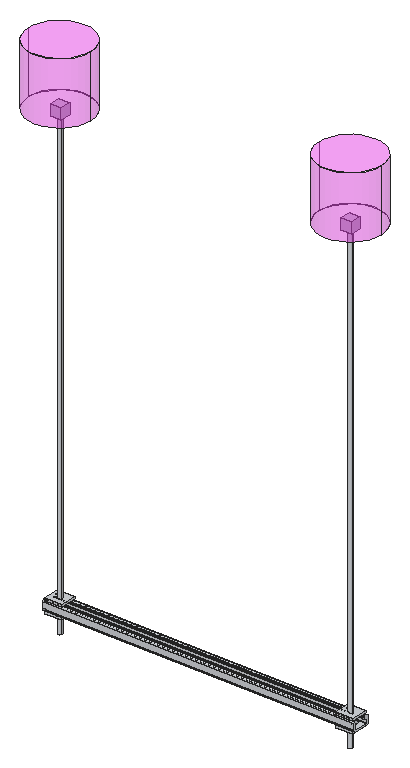
Revit family "TIG HANGER STRUT v1-2022", category Electrical Fixtures, Revit 2022
Family settings
  Round Connector Dimension = Use Diameter
  Part Type = Normal
  Always vertical = Yes
  Cut with Voids When Loaded = No
  Maintain Annotation Orientation = No
  Shared = No
  Room Calculation Point = No
Parameters
  ❹🢆 [instance] = ""
  ❸🢆 [instance] = " "  # constant formula
  ❷🢆 [instance] = " "  # constant formula
  ❶🢆 [instance] = " "  # constant formula
  TOTAL ROD LENGTH_ROUND [instance] = ROD 1 LENGTH_ROUND + ROD 2 LENGTH_ROUND  # 8' - 0"
  TOTAL ROD LENGTH [instance] = ROD 1 LENGTH + ROD 2 LENGTH  # 7' - 4.65899"
  TOP OF TIER 4 [instance] = 0' - 0"
  TOP OF TIER 3 [instance] = 10' - 0"
  TOP OF TIER 2 [instance] = 9' - 0"
  TOP OF TIER 1 [instance] = 8' - 10.7955"
  TIER 4 TYPE [instance] = if(TIER 4 SELECTION = 1, SELECTION 1, if(TIER 4 SELECTION = 2, SELECTION 2, if(TIER 4 SELECTION = 3, SELECTION 3, if(TIER 4 SELECTION = 4, SELECTION 4, if(TIER 4 SELECTION = 5, SELECTION 5, if(TIER 4 SELECTION = 6, SELECTION 6, SELECTION 0))))))  # SNV HANGER-STRUT_STRUT : NONE
  TIER 4 SELECTION [instance] = 0
  TIER 4 DESCRIPTION [instance] = if(TIER 4 SELECTION = 1, "78S", if(TIER 4 SELECTION = 2, "78SD", if(TIER 4 SELECTION = 3, "78BB", if(TIER 4 SELECTION = 4, "158S", if(TIER 4 SELECTION = 5, "158SD", if(TIER 4 SELECTION = 6, "158BB", "NOT SELECTED"))))))  # "NOT SELECTED"
  TIER 4 [instance] = if(and(TIER 4 SELECTION > 0, TIER 4 SELECTION < 7), 1 > 0, 1 < 0)  # no
  TIER 3 TYPE DESCRIPTION [instance] = if(TIER 3 SELECTION = 1, "78S", if(TIER 3 SELECTION = 2, "78SD", if(TIER 3 SELECTION = 3, "78BB", if(TIER 3 SELECTION = 4, "158S", if(TIER 3 SELECTION = 5, "158SD", if(TIER 3 SELECTION = 6, "158BB", "NOT SELECTED"))))))  # "NOT SELECTED"
  TIER 3 TYPE [instance] = if(TIER 3 SELECTION = 1, SELECTION 1, if(TIER 3 SELECTION = 2, SELECTION 2, if(TIER 3 SELECTION = 3, SELECTION 3, if(TIER 3 SELECTION = 4, SELECTION 4, if(TIER 3 SELECTION = 5, SELECTION 5, if(TIER 3 SELECTION = 6, SELECTION 6, SELECTION 0))))))  # SNV HANGER-STRUT_STRUT : NONE
  TIER 3 SELECTION [instance] = 0
  TIER 3 [instance] = if(and(TIER 3 SELECTION > 0, TIER 3 SELECTION < 7), 1 > 0, 1 < 0)  # no
  TIER 2 TYPE DESCRIPTION [instance] = if(TIER 2 SELECTION = 1, "78S", if(TIER 2 SELECTION = 2, "78SD", if(TIER 2 SELECTION = 3, "78BB", if(TIER 2 SELECTION = 4, "158S", if(TIER 2 SELECTION = 5, "158SD", if(TIER 2 SELECTION = 6, "158BB", "NOT SELECTED"))))))  # "NOT SELECTED"
  TIER 2 TYPE [instance] = if(TIER 2 SELECTION = 1, SELECTION 1, if(TIER 2 SELECTION = 2, SELECTION 2, if(TIER 2 SELECTION = 3, SELECTION 3, if(TIER 2 SELECTION = 4, SELECTION 4, if(TIER 2 SELECTION = 5, SELECTION 5, if(TIER 2 SELECTION = 6, SELECTION 6, SELECTION 0))))))  # SNV HANGER-STRUT_STRUT : NONE
  TIER 2 SELECTION [instance] = 0
  TIER 2 [instance] = if(and(TIER 2 SELECTION > 0, TIER 2 SELECTION < 7), 1 > 0, 1 < 0)  # no
  TIER 1 TYPE DESCRIPTION [instance] = if(TIER 1 SELECTION = 1, "78S", if(TIER 1 SELECTION = 2, "78SD", if(TIER 1 SELECTION = 3, "78BB", if(TIER 1 SELECTION = 4, "158S", if(TIER 1 SELECTION = 5, "158SD", if(TIER 1 SELECTION = 6, "158BB", "NOT SELECTED"))))))  # "78S"
  TIER 1 TYPE [instance] = if(TIER 1 SELECTION = 1, SELECTION 1, if(TIER 1 SELECTION = 2, SELECTION 2, if(TIER 1 SELECTION = 3, SELECTION 3, if(TIER 1 SELECTION = 4, SELECTION 4, if(TIER 1 SELECTION = 5, SELECTION 5, if(TIER 1 SELECTION = 6, SELECTION 6, SELECTION 0))))))  # SNV HANGER-STRUT_STRUT : SNV HANGER-STRUT_STRUT-78S
  TIER 1 SELECTION [instance] = 1
  TIER 1 [instance] = if(and(TIER 1 SELECTION > 0, TIER 1 SELECTION < 7), 1 > 0, 1 < 0)  # yes
  STRUT LENGTH [instance] = 2' - 6"
  STRUT INFORMATION [instance] = "⮟⮟⮟⮟⮟⮟⮟⮟⮟⮟⮟⮟"  # constant formula
  SELECTION 6 = SNV HANGER-STRUT_STRUT : SNV HANGER-STRUT_STRUT-158BB
  SELECTION 5 = SNV HANGER-STRUT_STRUT : SNV HANGER-STRUT_STRUT-158SD
  SELECTION 4 = SNV HANGER-STRUT_STRUT : SNV HANGER-STRUT_STRUT-158S
  SELECTION 3 = SNV HANGER-STRUT_STRUT : SNV HANGER-STRUT_STRUT-78BB
  SELECTION 2 = SNV HANGER-STRUT_STRUT : SNV HANGER-STRUT_STRUT-78SD
  SELECTION 1 = SNV HANGER-STRUT_STRUT : SNV HANGER-STRUT_STRUT-78S
  SELECTION 0 = SNV HANGER-STRUT_STRUT : NONE
  ROD SIZE [instance] = 0' - 0 3/8"
  ROD INFORMATION [instance] = "⮟⮟⮟⮟⮟⮟⮟⮟⮟⮟⮟⮟"  # constant formula
  ROD BTM EXTENSION [instance] = -0' - 2"
  ROD 2 LENGTH_ROUND [instance] = roundup(ROD 2 LENGTH / 0' 6") * 0' 6"  # 4' - 0"
  ROD 2 LENGTH [instance] = DECK TO DECK - ROD 2 GAP - TOP OF TIER 1 - ROD BTM EXTENSION  # 3' - 8.3295"
  ROD 2 GAP [instance] = 0' - 6 7/8"
  ROD 2 FROM EDGE [instance] = 0' - 1"
  ROD 1 LENGTH_ROUND [instance] = roundup(ROD 1 LENGTH / 0' 6") * 0' 6"  # 4' - 0"
  ROD 1 LENGTH [instance] = DECK TO DECK - ROD 1 GAP - TOP OF TIER 1 - ROD BTM EXTENSION  # 3' - 8.3295"
  ROD 1 GAP [instance] = 0' - 6 7/8"
  ROD 1 FROM EDGE [instance] = 0' - 1"
  RACK ID [instance] = ""
  NUMBER OF TIER [instance] = if(TIER 4, "4T", (if(and(not(TIER 4), TIER 3), "3T", if(and(not(TIER 3), TIER 2), "2T", "1T"))))  # "1T"
  HALO 2 [instance] = yes
  HALO 1 [instance] = yes
  GENERAL INFORMATION [instance] = "⮟⮟⮟⮟⮟⮟⮟⮟⮟⮟⮟⮟"  # constant formula
  Dot_Red [instance] = if(TIER 4, 1 > 0, 1 < 0)  # no
  Dot_Magenta [instance] = if(and(TIER 2, not(TIER 3)), 1 > 0, 1 < 0)  # no
  Dot_Green [instance] = if(and(TIER 1, not(and(TIER 2, TIER 3))), 1 > 0, 1 < 0)  # yes
  Dot_Cyan [instance] = if(and(TIER 3, not(TIER 4)), 1 > 0, 1 < 0)  # no
  Default Elevation = 0' - 0"
  DECK TO DECK [instance] = 13' - 0"
Reference planes (in)
  plane 1 "Center (Front/Back)": y = 0
  plane 2: z = 0
  plane 3 "Center (Left/Right)": x = 0
  plane 4 "Left": x = -14
  plane 5 "Right": x = 14
  plane 6 "Back": y = 4
  plane 7 "Front": y = -4
  plane 8: x = 15
  plane 9: x = -15
  plane 10 "R": z = 149.125
  plane 11 "L": z = 149.125
Forms (in)
  Extrusion 1, solid
    sketch origin (41, 0.8125, 105.9205) x (-1, 0, 0) y (0, -1, 0)
      loop
        circle (27, 0.8125) r 0.1875
    from -2 <- "ROD BTM EXTENSION" to 43.2045
  Extrusion 2, solid
    sketch origin (-60, -180, 105.9205) x (-1, 0, 0) y (0, -1, 0)
      loop
        circle (-46, -180) r 0.1875
    from -2 <- "ROD BTM EXTENSION" to 43.2045
Dimensions and locks (in)
  "ROD 1 FROM EDGE": plane 9 to plane 4 "Left"
  "ROD 2 FROM EDGE": plane 5 "Right" to plane 8
  equal spacing: plane 9, plane 3 "Center (Left/Right)", plane 8
  "STRUT LENGTH": plane 9 to plane 8
  "ROD 2 GAP": level to plane 10 "R"
  "DECK TO DECK": level to level
  "ROD 1 GAP": level to plane 11 "L"
  "ROD SIZE": diameter of Extrusion 1 sketch curve
  "ROD SIZE": diameter of Extrusion 2 sketch curve
  aligned and locked: level to plane 2
  aligned and locked: nested 1 to plane 5 "Right"
  aligned and locked: nested 4 to plane 5 "Right"
  aligned and locked: plane 1 "Center (Front/Back)" to nested 4
  aligned and locked: nested 5 to plane 4 "Left"
  aligned and locked: plane 1 "Center (Front/Back)" to nested 5
  aligned and locked: nested 6 to plane 5 "Right"
  aligned and locked: plane 1 "Center (Front/Back)" to nested 6
  aligned and locked: nested 7 to plane 4 "Left"
  aligned and locked: plane 1 "Center (Front/Back)" to nested 7
  aligned and locked: nested 8 to plane 5 "Right"
  aligned and locked: plane 1 "Center (Front/Back)" to nested 8
  aligned and locked: nested 9 to plane 4 "Left"
  aligned and locked: plane 1 "Center (Front/Back)" to nested 9
  aligned and locked: nested 13 to plane 10 "R"
  aligned and locked: nested 12 to plane 11 "L"
  aligned and locked: nested 12 to plane 4 "Left"
  aligned and locked: nested 2 to plane 4 "Left"
  aligned and locked: plane 1 "Center (Front/Back)" to Extrusion 1 sketch curve
  aligned and locked: plane 5 "Right" to Extrusion 1 sketch curve
  aligned and locked: plane 10 "R" to Extrusion 1
  aligned and locked: plane 1 "Center (Front/Back)" to Extrusion 2 sketch curve
  aligned and locked: plane 4 "Left" to Extrusion 2 sketch curve
  aligned and locked: plane 11 "L" to Extrusion 2
  aligned and locked: nested 13 to plane 5 "Right"
  aligned and locked: plane 1 "Center (Front/Back)" to nested 15
  aligned and locked: nested 15 to plane 5 "Right"
  aligned and locked: plane 1 "Center (Front/Back)" to nested 16
  aligned and locked: nested 16 to plane 4 "Left"
Nested families (in)
  nested 1: "SNV HALO" at (14, 0, 149.125), visible <- "HALO 2", type "SNV HALO"
    with HALO DIAMETER 0' - 6", HALO DEPTH 0' - 6"
  nested 2: "SNV HALO" at (-14, 0, 149.125), visible <- "HALO 1", type "SNV HALO"
    with HALO DIAMETER 0' - 6", HALO DEPTH 0' - 6"
  nested 3: "SNV HANGER-STRUT_STRUT" at (0, 0, 106.7955), built-in parameter 1001364 <- "TOP OF TIER 1", STRUCT LENGTH <- "STRUT LENGTH", ROD 2 FROM EDGE <- "ROD 1 FROM EDGE", ROD 1 FROM EDGE <- "ROD 2 FROM EDGE", type <- "TIER 1 TYPE", type "SNV HANGER-STRUT_STRUT-78S"
    with STRUCT LENGTH 2' - 6", ROD 2 FROM EDGE 0' - 1", ROD 1 FROM EDGE 0' - 1"
  nested 4: "Dot-Cyan" at (14, 0, 0), visible <- "Dot_Cyan", type "Dot-Cyan"
    with DIAMETER 0' - 0 1/32"
  nested 5: "Dot-Cyan" at (-14, 0, 0), visible <- "Dot_Cyan", type "Dot-Cyan"
    with DIAMETER 0' - 0 1/32"
  nested 6: "Dot-Magentra" at (14, 0, 0), visible <- "Dot_Magenta", type "Dot-Magentra"
    with DIAMETER 0' - 0 1/32"
  nested 7: "Dot-Magentra" at (-14, 0, 0), visible <- "Dot_Magenta", type "Dot-Magentra"
    with DIAMETER 0' - 0 1/32"
  nested 8: "Dot-Green" at (14, 0, 0), visible <- "Dot_Green", type "Dot-Green"
    with DIAMETER 0' - 0 1/32"
  nested 9: "Dot-Green" at (-14, 0, 0), visible <- "Dot_Green", type "Dot-Green"
    with DIAMETER 0' - 0 1/32"
  nested 10: "SNV HANGER-STRUT_STRUT" at (0, 0, 108), built-in parameter 1001364 <- "TOP OF TIER 2", ROD 1 FROM EDGE <- "ROD 1 FROM EDGE", ROD 2 FROM EDGE <- "ROD 2 FROM EDGE", STRUCT LENGTH <- "STRUT LENGTH", type <- "TIER 2 TYPE", type "NONE"
    with STRUCT LENGTH 2' - 6", ROD 2 FROM EDGE 0' - 1", ROD 1 FROM EDGE 0' - 1"
  nested 11: "SNV HANGER-STRUT_STRUT" at (0, 0, 120), type <- "TIER 3 TYPE", built-in parameter 1001364 <- "TOP OF TIER 3", ROD 1 FROM EDGE <- "ROD 1 FROM EDGE", ROD 2 FROM EDGE <- "ROD 2 FROM EDGE", STRUCT LENGTH <- "STRUT LENGTH", type "NONE"
    with STRUCT LENGTH 2' - 6", ROD 2 FROM EDGE 0' - 1", ROD 1 FROM EDGE 0' - 1"
  nested 12: "SNV GTP POINT" at (-14, 0, 149.125), type "SNV GTP POINT-HANGER"
  nested 13: "SNV GTP POINT" at (14, 0, 149.125), type "SNV GTP POINT-HANGER"
  nested 14: "SNV HANGER-STRUT_STRUT" at (0, 0, 0), built-in parameter 1001364 <- "TOP OF TIER 4", ROD 1 FROM EDGE <- "ROD 1 FROM EDGE", ROD 2 FROM EDGE <- "ROD 2 FROM EDGE", STRUCT LENGTH <- "STRUT LENGTH", type <- "TIER 4 TYPE", type "NONE"
    with STRUCT LENGTH 2' - 6", ROD 2 FROM EDGE 0' - 1", ROD 1 FROM EDGE 0' - 1"
  nested 15: "Dot-Red" at (14, 0, 0), visible <- "Dot_Red", type "Dot-Red"
  nested 16: "Dot-Red" at (-14, 0, 0), type "Dot-Red"
Definition of nested family "SNV HALO"
  Parameters (values of type "QTQ HALO")
    HALO DIAMETER [instance] = 1' - 0"
    HALO DEPTH [instance] = 0' - 6"
    Default Elevation = 4' - 0"
  Reference planes (in)
    plane 1 "Center (Front/Back)": y = 0
    plane 2: z = 0
    plane 3 "Center (Left/Right)": x = 0
    plane 4: z = 6
  Forms (in)
    Extrusion 1, solid
      sketch origin (0, 0, 0) x (1, 0, 0) y (0, 1, 0)
        loop
          circle (0, 0) r 6
      from 0 to 6
  Dimensions and locks (in)
    "HALO DEPTH": plane 4 to level
    "HALO DIAMETER": diameter of Extrusion 1 sketch curve
    aligned and locked: plane 2 to level
    aligned and locked: Extrusion 1 to level
    aligned and locked: plane 4 to Extrusion 1
  Automatic sketch dimensions
    plane 1 "Center (Front/Back)" to Extrusion 1 sketch curve = 0' - 0"
    Extrusion 1 sketch curve to plane 3 "Center (Left/Right)" = 0' - 0"
Definition of nested family "SNV HANGER-STRUT_STRUT"
  Parameters (values of type "NONE")
    STRUCT LENGTH [instance] = 3' - 0"
    ROD 2 FROM EDGE [instance] = 0' - 1"
    ROD 1 FROM EDGE [instance] = 0' - 1"
    QTQ WASHER = no
    Default Elevation = 0' - 0"
    BUTTOM OF STRUT = 0' - 3 1/4"
    78SD = no
    78S = no
    78BB = no
    158SD = no
    158S = no
    158BB = no
  Types (7): name | STRUCT LENGTH | QTQ WASHER | BUTTOM OF STRUT | 78SD | 78S | 78BB | 158SD | 158S | 158BB
    NONE | 3' - 0" | no | 0' - 3 1/4" | no | no | no | no | no | no
    SNV HANGER-STRUT_STRUT-78SD | 2' - 0" | yes | 0' - 0 7/8" | yes | no | no | no | no | no
    SNV HANGER-STRUT_STRUT-78S | 3' - 0" | yes | 0' - 0 7/8" | no | yes | no | no | no | no
    SNV HANGER-STRUT_STRUT-78BB | 3' - 0" | yes | 0' - 1 5/8" | no | no | yes | no | no | no
    SNV HANGER-STRUT_STRUT-158SD | 3' - 0" | yes | 0' - 1 5/8" | no | no | no | yes | no | no
    SNV HANGER-STRUT_STRUT-158S | 3' - 0" | yes | 0' - 1 5/8" | no | no | no | no | yes | no
    SNV HANGER-STRUT_STRUT-158BB | 3' - 0" | yes | 0' - 3 1/4" | no | no | no | no | no | yes
  Reference planes (in)
    plane 1 "Center (Front/Back)": y = 0
    plane 2: z = 0
    plane 3 "Center (Left/Right)": x = 0
    plane 4: x = -17
    plane 5: x = 17
    plane 6: x = 18
    plane 7: x = -18
    plane 8: z = -3.25
  Forms (in)
    Sweep 1, solid, visible <- "78SD"
      path origin (0, 0, 0) x (1, 0, 0) y (0, 1, 0)
        loop
          line (-18, 0) -> (18, 0)
      profile "SNV PROFILE-STRUCT-78SD : SNV PROFILE-STRUCT-78SD" origin (0, 0, 0) x (0, 1, 0) y (0, 0, 1)
        loop
          arc (-0.67578, 0) -> (-0.77257, -0.04009) -> (-0.81266, -0.13687) r 0.13687
          line (-0.81266, -0.13687) -> (-0.81266, -0.67578)
          arc (-0.81266, -0.67578) -> (-0.75431, -0.81665) -> (-0.61344, -0.875) r 0.19922
          line (-0.61344, -0.875) -> (-0.57437, -0.875)
          arc (-0.57437, -0.875) -> (-0.4777, -0.83496) -> (-0.43766, -0.73828) r 0.13672
          line (-0.43766, -0.73828) -> (-0.43766, -0.64453)
          arc (-0.43766, -0.64453) -> (-0.49039, -0.5918) -> (-0.54312, -0.64453) r 0.05273
          line (-0.54312, -0.64453) -> (-0.54312, -0.73828)
          arc (-0.54312, -0.73828) -> (-0.55228, -0.76038) -> (-0.57437, -0.76953) r 0.03125
          line (-0.57437, -0.76953) -> (-0.61344, -0.76953)
          arc (-0.61344, -0.76953) -> (-0.67973, -0.74207) -> (-0.70719, -0.67578) r 0.09375
          line (-0.70719, -0.67578) -> (-0.70719, -0.13672)
          arc (-0.70719, -0.13672) -> (-0.69803, -0.11462) -> (-0.67594, -0.10547) r 0.03125
          line (-0.67594, -0.10547) -> (0.67594, -0.10547)
          arc (0.67594, -0.10547) -> (0.69803, -0.11462) -> (0.70719, -0.13672) r 0.03125
          line (0.70719, -0.13672) -> (0.70719, -0.67578)
          arc (0.70719, -0.67578) -> (0.67973, -0.74207) -> (0.61344, -0.76953) r 0.09375
          line (0.61344, -0.76953) -> (0.57437, -0.76953)
          arc (0.57437, -0.76953) -> (0.55228, -0.76038) -> (0.54312, -0.73828) r 0.03125
          line (0.54312, -0.73828) -> (0.54312, -0.64453)
          arc (0.54312, -0.64453) -> (0.49039, -0.5918) -> (0.43766, -0.64453) r 0.05273
          line (0.43766, -0.64453) -> (0.43766, -0.73828)
          arc (0.43766, -0.73828) -> (0.4777, -0.83496) -> (0.57437, -0.875) r 0.13672
          line (0.57437, -0.875) -> (0.61344, -0.875)
          arc (0.61344, -0.875) -> (0.75431, -0.81665) -> (0.81266, -0.67578) r 0.19922
          line (0.81266, -0.67578) -> (0.81266, -0.13687)
          arc (0.81266, -0.13687) -> (0.77257, -0.04009) -> (0.67578, 0) r 0.13687
          line (0.67578, 0) -> (-0.67578, 0)
    Sweep 2, solid, visible <- "78BB"
      path origin (0, 0, 0) x (1, 0, 0) y (0, 1, 0)
        loop
          line (-18, 0) -> (18, 0)
      profile "SNV PROFILE-STRUT-78BB : SNV PROFILE-STRUT-78BB" origin (0, 0, 0) x (0, 1, 0) y (0, 0, 1)
        loop
          arc (-0.67578, -0.70703) -> (-0.69788, -0.69788) -> (-0.70703, -0.67578) r 0.03125
          line (-0.70703, -0.67578) -> (-0.70703, -0.19922)
          arc (-0.70703, -0.19922) -> (-0.67957, -0.13293) -> (-0.61328, -0.10547) r 0.09375
          line (-0.61328, -0.10547) -> (-0.57422, -0.10547)
          arc (-0.57422, -0.10547) -> (-0.55205, -0.11537) -> (-0.54297, -0.13789) r 0.03244
          line (-0.54297, -0.13789) -> (-0.54297, -0.23164)
          arc (-0.54297, -0.23164) -> (-0.49112, -0.28348) -> (-0.43928, -0.23164) r 0.05184
          line (-0.43928, -0.23164) -> (-0.43928, -0.13789)
          arc (-0.43928, -0.13789) -> (-0.47967, -0.04039) -> (-0.57717, 0) r 0.13789
          line (-0.57717, 0) -> (-0.61328, 0)
          arc (-0.61328, 0) -> (-0.75415, -0.05835) -> (-0.8125, -0.19922) r 0.19922
          line (-0.8125, -0.19922) -> (-0.8125, -0.67578)
          arc (-0.8125, -0.67578) -> (-0.77246, -0.77246) -> (-0.67578, -0.8125) r 0.13672
          arc (-0.67578, -0.8125) -> (-0.77246, -0.85254) -> (-0.8125, -0.94922) r 0.13672
          line (-0.8125, -0.94922) -> (-0.8125, -1.42578)
          arc (-0.8125, -1.42578) -> (-0.75415, -1.56665) -> (-0.61328, -1.625) r 0.19922
          line (-0.61328, -1.625) -> (-0.57717, -1.625)
          arc (-0.57717, -1.625) -> (-0.47967, -1.58461) -> (-0.43928, -1.48711) r 0.13789
          line (-0.43928, -1.48711) -> (-0.43928, -1.39336)
          arc (-0.43928, -1.39336) -> (-0.49112, -1.34152) -> (-0.54297, -1.39336) r 0.05184
          line (-0.54297, -1.39336) -> (-0.54297, -1.48711)
          arc (-0.54297, -1.48711) -> (-0.55205, -1.50963) -> (-0.57422, -1.51953) r 0.03244
          line (-0.57422, -1.51953) -> (-0.61328, -1.51953)
          arc (-0.61328, -1.51953) -> (-0.67957, -1.49207) -> (-0.70703, -1.42578) r 0.09375
          line (-0.70703, -1.42578) -> (-0.70703, -0.94922)
          arc (-0.70703, -0.94922) -> (-0.69788, -0.92712) -> (-0.67578, -0.91797) r 0.03125
          line (-0.67578, -0.91797) -> (0.67578, -0.91797)
          arc (0.67578, -0.91797) -> (0.69788, -0.92712) -> (0.70703, -0.94922) r 0.03125
          line (0.70703, -0.94922) -> (0.70703, -1.42578)
          arc (0.70703, -1.42578) -> (0.67957, -1.49207) -> (0.61328, -1.51953) r 0.09375
          line (0.61328, -1.51953) -> (0.57422, -1.51953)
          arc (0.57422, -1.51953) -> (0.55205, -1.50963) -> (0.54297, -1.48711) r 0.03244
          line (0.54297, -1.48711) -> (0.54297, -1.39336)
          arc (0.54297, -1.39336) -> (0.49112, -1.34152) -> (0.43928, -1.39336) r 0.05184
          line (0.43928, -1.39336) -> (0.43928, -1.48711)
          arc (0.43928, -1.48711) -> (0.47967, -1.58461) -> (0.57717, -1.625) r 0.13789
          line (0.57717, -1.625) -> (0.61328, -1.625)
          arc (0.61328, -1.625) -> (0.75415, -1.56665) -> (0.8125, -1.42578) r 0.19922
          line (0.8125, -1.42578) -> (0.8125, -0.94922)
          arc (0.8125, -0.94922) -> (0.77246, -0.85254) -> (0.67578, -0.8125) r 0.13672
          arc (0.67578, -0.8125) -> (0.77246, -0.77246) -> (0.8125, -0.67578) r 0.13672
          line (0.8125, -0.67578) -> (0.8125, -0.19922)
          arc (0.8125, -0.19922) -> (0.75415, -0.05835) -> (0.61328, 0) r 0.19922
          line (0.61328, 0) -> (0.57717, 0)
          arc (0.57717, 0) -> (0.47967, -0.04039) -> (0.43928, -0.13789) r 0.13789
          line (0.43928, -0.13789) -> (0.43928, -0.23164)
          arc (0.43928, -0.23164) -> (0.49112, -0.28348) -> (0.54297, -0.23164) r 0.05184
          line (0.54297, -0.23164) -> (0.54297, -0.13789)
          arc (0.54297, -0.13789) -> (0.55205, -0.11537) -> (0.57422, -0.10547) r 0.03244
          line (0.57422, -0.10547) -> (0.61328, -0.10547)
          arc (0.61328, -0.10547) -> (0.67957, -0.13293) -> (0.70703, -0.19922) r 0.09375
          line (0.70703, -0.19922) -> (0.70703, -0.67578)
          arc (0.70703, -0.67578) -> (0.69788, -0.69788) -> (0.67578, -0.70703) r 0.03125
          line (0.67578, -0.70703) -> (-0.67578, -0.70703)
    Sweep 3, solid, visible <- "78S"
      path origin (0, 0, 0) x (1, 0, 0) y (0, 1, 0)
        loop
          line (-18, 0) -> (18, 0)
      profile "SNV PROFILE-STRUCT-78S : SNV PROFILE-STRUCT-78S" origin (0, 0, 0) x (0, 1, 0) y (0, 0, 1)
        loop
          arc (0.67578, -0.875) -> (0.77257, -0.83491) -> (0.81266, -0.73813) r 0.13687
          line (0.81266, -0.73813) -> (0.81266, -0.19922)
          arc (0.81266, -0.19922) -> (0.75431, -0.05835) -> (0.61344, 0) r 0.19922
          line (0.61344, 0) -> (0.57437, 0)
          arc (0.57437, 0) -> (0.4777, -0.04004) -> (0.43766, -0.13672) r 0.13672
          line (0.43766, -0.13672) -> (0.43766, -0.23047)
          arc (0.43766, -0.23047) -> (0.49039, -0.2832) -> (0.54312, -0.23047) r 0.05273
          line (0.54312, -0.23047) -> (0.54312, -0.13672)
          arc (0.54312, -0.13672) -> (0.55228, -0.11462) -> (0.57437, -0.10547) r 0.03125
          line (0.57437, -0.10547) -> (0.61344, -0.10547)
          arc (0.61344, -0.10547) -> (0.67973, -0.13293) -> (0.70719, -0.19922) r 0.09375
          line (0.70719, -0.19922) -> (0.70719, -0.73828)
          arc (0.70719, -0.73828) -> (0.69803, -0.76038) -> (0.67594, -0.76953) r 0.03125
          line (0.67594, -0.76953) -> (-0.67594, -0.76953)
          arc (-0.67594, -0.76953) -> (-0.69803, -0.76038) -> (-0.70719, -0.73828) r 0.03125
          line (-0.70719, -0.73828) -> (-0.70719, -0.19922)
          arc (-0.70719, -0.19922) -> (-0.67973, -0.13293) -> (-0.61344, -0.10547) r 0.09375
          line (-0.61344, -0.10547) -> (-0.57437, -0.10547)
          arc (-0.57437, -0.10547) -> (-0.55228, -0.11462) -> (-0.54312, -0.13672) r 0.03125
          line (-0.54312, -0.13672) -> (-0.54312, -0.23047)
          arc (-0.54312, -0.23047) -> (-0.49039, -0.2832) -> (-0.43766, -0.23047) r 0.05273
          line (-0.43766, -0.23047) -> (-0.43766, -0.13672)
          arc (-0.43766, -0.13672) -> (-0.4777, -0.04004) -> (-0.57437, 0) r 0.13672
          line (-0.57437, 0) -> (-0.61344, 0)
          arc (-0.61344, 0) -> (-0.75431, -0.05835) -> (-0.81266, -0.19922) r 0.19922
          line (-0.81266, -0.19922) -> (-0.81266, -0.73813)
          arc (-0.81266, -0.73813) -> (-0.77257, -0.83491) -> (-0.67578, -0.875) r 0.13687
          line (-0.67578, -0.875) -> (0.67578, -0.875)
    Sweep 4, solid, visible <- "158BB"
      path origin (0, 0, 0) x (1, 0, 0) y (0, 1, 0)
        loop
          line (-18, 0) -> (18, 0)
      profile "SNV PROFILE-STRUT-158BB : SNV PROFILE-STRUT-158BB" origin (0, 0, 0) x (0, 1, 0) y (0, 0, 1)
        loop
          arc (-0.67578, -1.51953) -> (-0.69788, -1.51038) -> (-0.70703, -1.48828) r 0.03125
          line (-0.70703, -1.48828) -> (-0.70703, -0.19922)
          arc (-0.70703, -0.19922) -> (-0.67957, -0.13293) -> (-0.61328, -0.10547) r 0.09375
          line (-0.61328, -0.10547) -> (-0.57422, -0.10547)
          arc (-0.57422, -0.10547) -> (-0.55212, -0.11462) -> (-0.54297, -0.13672) r 0.03125
          line (-0.54297, -0.13672) -> (-0.54297, -0.23047)
          arc (-0.54297, -0.23047) -> (-0.49023, -0.2832) -> (-0.4375, -0.23047) r 0.05273
          line (-0.4375, -0.23047) -> (-0.4375, -0.13672)
          arc (-0.4375, -0.13672) -> (-0.47754, -0.04004) -> (-0.57422, 0) r 0.13672
          line (-0.57422, 0) -> (-0.61328, 0)
          arc (-0.61328, 0) -> (-0.75415, -0.05835) -> (-0.8125, -0.19922) r 0.19922
          line (-0.8125, -0.19922) -> (-0.8125, -1.48828)
          arc (-0.8125, -1.48828) -> (-0.77246, -1.58496) -> (-0.67578, -1.625) r 0.13672
          arc (-0.67578, -1.625) -> (-0.77246, -1.66504) -> (-0.8125, -1.76172) r 0.13672
          line (-0.8125, -1.76172) -> (-0.8125, -3.05078)
          arc (-0.8125, -3.05078) -> (-0.75415, -3.19165) -> (-0.61328, -3.25) r 0.19922
          line (-0.61328, -3.25) -> (-0.57422, -3.25)
          arc (-0.57422, -3.25) -> (-0.47754, -3.20996) -> (-0.4375, -3.11328) r 0.13672
          line (-0.4375, -3.11328) -> (-0.4375, -3.01953)
          arc (-0.4375, -3.01953) -> (-0.49023, -2.9668) -> (-0.54297, -3.01953) r 0.05273
          line (-0.54297, -3.01953) -> (-0.54297, -3.11328)
          arc (-0.54297, -3.11328) -> (-0.55212, -3.13538) -> (-0.57422, -3.14453) r 0.03125
          line (-0.57422, -3.14453) -> (-0.61328, -3.14453)
          arc (-0.61328, -3.14453) -> (-0.67957, -3.11707) -> (-0.70703, -3.05078) r 0.09375
          line (-0.70703, -3.05078) -> (-0.70703, -1.76172)
          arc (-0.70703, -1.76172) -> (-0.69788, -1.73962) -> (-0.67578, -1.73047) r 0.03125
          line (-0.67578, -1.73047) -> (0.67578, -1.73047)
          arc (0.67578, -1.73047) -> (0.69788, -1.73962) -> (0.70703, -1.76172) r 0.03125
          line (0.70703, -1.76172) -> (0.70703, -3.05078)
          arc (0.70703, -3.05078) -> (0.67957, -3.11707) -> (0.61328, -3.14453) r 0.09375
          line (0.61328, -3.14453) -> (0.57422, -3.14453)
          arc (0.57422, -3.14453) -> (0.55212, -3.13538) -> (0.54297, -3.11328) r 0.03125
          line (0.54297, -3.11328) -> (0.54297, -3.01953)
          arc (0.54297, -3.01953) -> (0.49023, -2.9668) -> (0.4375, -3.01953) r 0.05273
          line (0.4375, -3.01953) -> (0.4375, -3.11328)
          arc (0.4375, -3.11328) -> (0.47754, -3.20996) -> (0.57422, -3.25) r 0.13672
          line (0.57422, -3.25) -> (0.61328, -3.25)
          arc (0.61328, -3.25) -> (0.75415, -3.19165) -> (0.8125, -3.05078) r 0.19922
          line (0.8125, -3.05078) -> (0.8125, -1.76172)
          arc (0.8125, -1.76172) -> (0.77246, -1.66504) -> (0.67578, -1.625) r 0.13672
          arc (0.67578, -1.625) -> (0.77246, -1.58496) -> (0.8125, -1.48828) r 0.13672
          line (0.8125, -1.48828) -> (0.8125, -0.19922)
          arc (0.8125, -0.19922) -> (0.75415, -0.05835) -> (0.61328, 0) r 0.19922
          line (0.61328, 0) -> (0.57422, 0)
          arc (0.57422, 0) -> (0.47754, -0.04004) -> (0.4375, -0.13672) r 0.13672
          line (0.4375, -0.13672) -> (0.4375, -0.23047)
          arc (0.4375, -0.23047) -> (0.49023, -0.2832) -> (0.54297, -0.23047) r 0.05273
          line (0.54297, -0.23047) -> (0.54297, -0.13672)
          arc (0.54297, -0.13672) -> (0.55212, -0.11462) -> (0.57422, -0.10547) r 0.03125
          line (0.57422, -0.10547) -> (0.61328, -0.10547)
          arc (0.61328, -0.10547) -> (0.67957, -0.13293) -> (0.70703, -0.19922) r 0.09375
          line (0.70703, -0.19922) -> (0.70703, -1.48828)
          arc (0.70703, -1.48828) -> (0.69788, -1.51038) -> (0.67578, -1.51953) r 0.03125
          line (0.67578, -1.51953) -> (-0.67578, -1.51953)
    Sweep 5, solid, visible <- "158S"
      path origin (0, 0, 0) x (1, 0, 0) y (0, 1, 0)
        loop
          line (-18, 0) -> (18, 0)
      profile "SNV PROFILE-STRUT-158s : SNV PROFILE-STRUT-158s" origin (0, 0, 0) x (0, 1, 0) y (0, 0, 1)
        loop
          arc (-0.67578, -1.51953) -> (-0.69788, -1.51038) -> (-0.70703, -1.48828) r 0.03125
          line (-0.70703, -1.48828) -> (-0.70703, -0.19922)
          arc (-0.70703, -0.19922) -> (-0.68006, -0.1341) -> (-0.61493, -0.10712) r 0.0921
          line (-0.61493, -0.10712) -> (-0.57587, -0.10712)
          arc (-0.57587, -0.10712) -> (-0.55377, -0.11627) -> (-0.54462, -0.13837) r 0.03125
          line (-0.54462, -0.13837) -> (-0.54462, -0.23212)
          arc (-0.54462, -0.23212) -> (-0.49189, -0.28486) -> (-0.43915, -0.23212) r 0.05273
          line (-0.43915, -0.23212) -> (-0.43915, -0.13837)
          arc (-0.43915, -0.13837) -> (-0.47968, -0.04053) -> (-0.57752, 0) r 0.13837
          line (-0.57752, 0) -> (-0.61328, 0)
          arc (-0.61328, 0) -> (-0.75415, -0.05835) -> (-0.8125, -0.19922) r 0.19922
          line (-0.8125, -0.19922) -> (-0.8125, -1.48828)
          arc (-0.8125, -1.48828) -> (-0.77246, -1.58496) -> (-0.67578, -1.625) r 0.13672
          line (-0.67578, -1.625) -> (0.67578, -1.625)
          arc (0.67578, -1.625) -> (0.77246, -1.58496) -> (0.8125, -1.48828) r 0.13672
          line (0.8125, -1.48828) -> (0.8125, -0.19922)
          arc (0.8125, -0.19922) -> (0.75415, -0.05835) -> (0.61328, 0) r 0.19922
          line (0.61328, 0) -> (0.57752, 0)
          arc (0.57752, 0) -> (0.47968, -0.04053) -> (0.43915, -0.13837) r 0.13837
          line (0.43915, -0.13837) -> (0.43915, -0.23212)
          arc (0.43915, -0.23212) -> (0.49189, -0.28486) -> (0.54462, -0.23212) r 0.05273
          line (0.54462, -0.23212) -> (0.54462, -0.13837)
          arc (0.54462, -0.13837) -> (0.55377, -0.11627) -> (0.57587, -0.10712) r 0.03125
          line (0.57587, -0.10712) -> (0.61493, -0.10712)
          arc (0.61493, -0.10712) -> (0.68006, -0.1341) -> (0.70703, -0.19922) r 0.0921
          line (0.70703, -0.19922) -> (0.70703, -1.48828)
          arc (0.70703, -1.48828) -> (0.69788, -1.51038) -> (0.67578, -1.51953) r 0.03125
          line (0.67578, -1.51953) -> (-0.67578, -1.51953)
    Sweep 6, solid, visible <- "158SD"
      path origin (0, 0, 0) x (1, 0, 0) y (0, 1, 0)
        loop
          line (-18, 0) -> (18, 0)
      profile "SNV PROFILE-STRUT-158SD : SNV PROFILE-STRUT-158SD" origin (0, 0, 0) x (0, 1, 0) y (0, 0, 1)
        loop
          arc (-0.67578, 0) -> (-0.77246, -0.04004) -> (-0.8125, -0.13672) r 0.13672
          line (-0.8125, -0.13672) -> (-0.8125, -1.42578)
          arc (-0.8125, -1.42578) -> (-0.75415, -1.56665) -> (-0.61328, -1.625) r 0.19922
          line (-0.61328, -1.625) -> (-0.57422, -1.625)
          arc (-0.57422, -1.625) -> (-0.47754, -1.58496) -> (-0.4375, -1.48828) r 0.13672
          line (-0.4375, -1.48828) -> (-0.4375, -1.39453)
          arc (-0.4375, -1.39453) -> (-0.49023, -1.3418) -> (-0.54297, -1.39453) r 0.05273
          line (-0.54297, -1.39453) -> (-0.54297, -1.48828)
          arc (-0.54297, -1.48828) -> (-0.55212, -1.51038) -> (-0.57422, -1.51953) r 0.03125
          line (-0.57422, -1.51953) -> (-0.61328, -1.51953)
          arc (-0.61328, -1.51953) -> (-0.67957, -1.49207) -> (-0.70703, -1.42578) r 0.09375
          line (-0.70703, -1.42578) -> (-0.70703, -0.13672)
          arc (-0.70703, -0.13672) -> (-0.69788, -0.11462) -> (-0.67578, -0.10547) r 0.03125
          line (-0.67578, -0.10547) -> (0.67578, -0.10547)
          arc (0.67578, -0.10547) -> (0.69788, -0.11462) -> (0.70703, -0.13672) r 0.03125
          line (0.70703, -0.13672) -> (0.70703, -1.42578)
          arc (0.70703, -1.42578) -> (0.67957, -1.49207) -> (0.61328, -1.51953) r 0.09375
          line (0.61328, -1.51953) -> (0.57422, -1.51953)
          arc (0.57422, -1.51953) -> (0.55212, -1.51038) -> (0.54297, -1.48828) r 0.03125
          line (0.54297, -1.48828) -> (0.54297, -1.39453)
          arc (0.54297, -1.39453) -> (0.49023, -1.3418) -> (0.4375, -1.39453) r 0.05273
          line (0.4375, -1.39453) -> (0.4375, -1.48828)
          arc (0.4375, -1.48828) -> (0.47754, -1.58496) -> (0.57422, -1.625) r 0.13672
          line (0.57422, -1.625) -> (0.61328, -1.625)
          arc (0.61328, -1.625) -> (0.75415, -1.56665) -> (0.8125, -1.42578) r 0.19922
          line (0.8125, -1.42578) -> (0.8125, -0.13672)
          arc (0.8125, -0.13672) -> (0.77246, -0.04004) -> (0.67578, 0) r 0.13672
          line (0.67578, 0) -> (-0.67578, 0)
  Dimensions and locks (in)
    "ROD 1 FROM EDGE": plane 7 to plane 4
    "ROD 2 FROM EDGE": plane 5 to plane 6
    "STRUCT LENGTH": plane 7 to plane 6
    "BUTTOM OF STRUT": plane 2 to plane 8
    equal spacing: plane 7, plane 3 "Center (Left/Right)", plane 6
    aligned and locked: level to plane 2
    aligned and locked: plane 4 to nested 1
    aligned and locked: plane 5 to nested 2
    aligned and locked: plane 4 to nested 4
    aligned and locked: plane 8 to nested 4
    aligned and locked: plane 8 to nested 3
    aligned and locked: plane 5 to nested 3
  Automatic sketch dimensions
    plane 1 "Center (Front/Back)" to Sweep 1 sketch curve = 0' - 0"
    Sweep 1 sketch curve to plane 7 = 0' - 0"
    Sweep 1 sketch curve to plane 6 = 0' - 0"
    plane 1 "Center (Front/Back)" to Sweep 2 sketch curve = 0' - 0"
    Sweep 2 sketch curve to plane 7 = 0' - 0"
    Sweep 2 sketch curve to plane 6 = 0' - 0"
    plane 1 "Center (Front/Back)" to Sweep 3 sketch curve = 0' - 0"
    Sweep 3 sketch curve to plane 7 = 0' - 0"
    Sweep 3 sketch curve to plane 6 = 0' - 0"
    plane 1 "Center (Front/Back)" to Sweep 4 sketch curve = 0' - 0"
    Sweep 4 sketch curve to plane 7 = 0' - 0"
    Sweep 4 sketch curve to plane 6 = 0' - 0"
    plane 1 "Center (Front/Back)" to Sweep 5 sketch curve = 0' - 0"
    Sweep 5 sketch curve to plane 7 = 0' - 0"
    Sweep 5 sketch curve to plane 6 = 0' - 0"
    plane 1 "Center (Front/Back)" to Sweep 6 sketch curve = 0' - 0"
    Sweep 6 sketch curve to plane 7 = 0' - 0"
    Sweep 6 sketch curve to plane 6 = 0' - 0"
  Nested families (in)
    nested 1: "SNV WASHER" at (-17, 0, 0), visible <- "QTQ WASHER", type "SNV WASHER"
    nested 2: "SNV WASHER" at (17, 0, 0), visible <- "QTQ WASHER", type "SNV WASHER"
    nested 3: "SNV WASHER" at (17, 0, -3.47266), visible <- "QTQ WASHER", type "SNV WASHER"
    nested 4: "SNV WASHER" at (-17, 0, -3.47266), visible <- "QTQ WASHER", type "SNV WASHER"
  Definition of nested family "SNV WASHER"
    Parameters (values of type "QTQ WASHER")
      Default Elevation = 0' - 0"
    Reference planes (in)
      plane 1 "Center (Front/Back)": y = 0
      plane 2: z = 0
      plane 3 "Center (Left/Right)": x = 0
    Forms (in)
      Extrusion 1, solid
        sketch origin (0, 0, 0) x (1, 0, 0) y (0, 1, 0)
          loop
            line (-0.8125, 0.8125) -> (-0.8125, -0.8125) -> (0.8125, -0.8125) -> (0.8125, 0.8125) -> (-0.8125, 0.8125)
        from 0 to 0.22266
    Dimensions and locks (in)
      aligned and locked: level to plane 2
Definition of nested family "SNV GTP POINT"
  Parameters (values of type "SNV GTP POINT-SEISMIC")
    Point Annotation = SNV GTP-ANNOTATION : Seismic
    Default Elevation = 4' - 0"
  Types (5): name | Point Annotation
    SNV GTP POINT-SEISMIC | SNV GTP-ANNOTATION : Seismic
    SNV GTP POINT-SLEEVE | SNV GTP-ANNOTATION : Sleeve
    SNV GTP POINT-HANGER | SNV GTP-ANNOTATION : Hanger
    SNV GTP POINT-Junction Box | SNV GTP-ANNOTATION : Junction Box
    SNV GTP POINT | SNV GTP-ANNOTATION : Junction Box
  Reference planes (in)
    plane 1 "Center (Front/Back)": y = 0
    plane 2: z = 0
    plane 3 "Center (Left/Right)": x = 0
  Forms (in)
    Extrusion 1, solid
      sketch origin (0, 0, 0) x (1, 0, 0) y (0, 1, 0)
        loop
          line (-0.5, 0.5) -> (-0.5, -0.5) -> (0.5, -0.5) -> (0.5, 0.5) -> (-0.5, 0.5)
      from -0.5 to 0.5
  Dimensions and locks (in)
    aligned and locked: plane 2 to level
  Nested families (in)
    nested 1: "Trmb_FieldPoints_MarkerGraphic_Marker" at (0, 0, 0), type "Trmb_FieldPoints_MarkerGraphic_Marker"
    nested 2: "SNV GTP-ANNOTATION" at (0, 0, 0), type <- "Point Annotation", type "Seismic"
  Definition of nested family "Trmb_FieldPoints_MarkerGraphic_Marker"
    Parameters (values of type "Trmb_FieldPoints_MarkerGraphic_Marker")
      Default Elevation = 0' - 0"
    Reference planes (in)
      plane 1 "Center (Front/Back)": y = 0
      plane 2: z = 0
      plane 3 "Center (Left/Right)": x = 0
    Lines and regions (in)
      model lines
        curve 1: line (0, 0, 0) -> (0, 1, 0)
        curve 2: line (0, -1, 0) -> (0, 0, 0)
        curve 3: line (0, 0, 0) -> (1, 0, 0)
        curve 4: line (-1, 0, 0) -> (0, 0, 0)
        curve 5: line (0, 0, 0) -> (0, 0, 1)
        curve 6: line (0, 0, 0) -> (0, 0, -1)
      model lines, not visible
        curve 7: line (0, 0, 0) -> (0, 1, 0)
        curve 8: line (0, -1, 0) -> (0, 0, 0)
        curve 9: line (0, 0, 0) -> (1, 0, 0)
        curve 10: line (-1, 0, 0) -> (0, 0, 0)
        curve 11: line (0, 0, 0) -> (0, 0, 1)
        curve 12: line (0, 0, 0) -> (0, 0, -1)
    Dimensions and locks (in)
      aligned and locked: plane 2 to level
  Definition of nested family "SNV GTP-ANNOTATION"
    Parameters (values of type "Hanger")
      Sleeve = no
      Plate = no
      Junction Box = no
      Hanger = yes
    Types (5): name | Sleeve | Plate | Junction Box | Hanger
      Hanger | no | no | no | yes
      Seismic | no | yes | no | no
      Sleeve | yes | no | no | no
      Junction Box | no | no | yes | no
      QTQ GTP-ANNOTATION | yes | yes | yes | yes
    Reference planes (in)
      plane 1: y = 0
      plane 2: x = 0
    Lines and regions (in)
      detail lines, visible <- "Junction Box"
        curve 1: circle (0, 0, 0) r 0.01563 normal (0, 0, 1)
        curve 2: circle (0, 0, 0) r 0.03125 normal (0, 0, 1)
      detail lines, visible <- "Sleeve"
        curve 3: line (0, 0, 0) -> (0.02463, -0.01924, 0)
        curve 4: line (0, 0, 0) -> (-0.02463, -0.01924, 0)
        curve 14: line (0, 0, 0) -> (0, 0.03125, 0)
        curve 15: circle (0, 0, 0) r 0.03125 normal (0, 0, 1)
      detail lines, visible <- "Plate"
        curve 5: line (0, -0.03125, 0) -> (-0.03125, 0, 0)
        curve 6: line (-0.03125, 0, 0) -> (0, 0.03125, 0)
        curve 7: line (0, 0.03125, 0) -> (0.03125, 0, 0)
        curve 8: line (0, -0.03125, 0) -> (0.03125, 0, 0)
        curve 9: line (0, 0.03125, 0) -> (0, -0.03125, 0)
        curve 10: line (-0.03125, 0, 0) -> (0.03125, 0, 0)
        curve 16: circle (0, 0, 0) r 0.03125 normal (0, 0, 1)
      detail lines, visible <- "Hanger"
        curve 11: line (-0.03125, 0.00005, 0) -> (0.03125, 0.00005, 0)
        curve 12: line (0, 0.03125, 0) -> (0, -0.03125, 0)
        curve 13: circle (0, 0, 0) r 0.03125 normal (0, 0, 1)
Definition of nested family "Dot-Cyan"
  Parameters (values of type "Dot-Cyan")
    DIAMETER = 0' - 0 1/16"
  Reference planes (in)
    plane 1: y = 0
    plane 2: x = 0
  Lines and regions (in)
    Filled region 1, type "Solid Cyan"
      outline origin (0, 0, 0) x (1, 0, 0) y (0, 1, 0)
        loop
          circle (0, 0) r 0.03125
    reference lines
      curve 1: line (0, -0.06981, 0) -> (0, 0.10601, 0)
      curve 2: line (0.29083, 0, 0) -> (-0.20917, 0, 0)
  Dimensions and locks (in)
    "DIAMETER": diameter of Filled region 1 sketch curve
  Automatic sketch dimensions
    plane 1 to curve 2 = 0' - 0"
    curve 1 to plane 2 = 0' - 0"
    curve 2 to plane 2 = 0' - 0.20917"
    plane 2 to curve 2 = 0' - 0.29083"
    plane 1 to curve 1 = 0' - 0.06981"
    curve 1 to plane 1 = 0' - 0.10601"
    plane 1 to Filled region 1 sketch curve = 0' - 0"
    Filled region 1 sketch curve to plane 2 = 0' - 0"
Definition of nested family "Dot-Magentra"
  Parameters (values of type "Dot-Magentra")
    DIAMETER = 0' - 0 1/16"
  Reference planes (in)
    plane 1: y = 0
    plane 2: x = 0
  Lines and regions (in)
    Filled region 1, type "Solid Magenta"
      outline origin (0, 0, 0) x (1, 0, 0) y (0, 1, 0)
        loop
          circle (0, 0) r 0.03125
    reference lines
      curve 1: line (0, -0.06981, 0) -> (0, 0.10601, 0)
      curve 2: line (0.29083, 0, 0) -> (-0.20917, 0, 0)
  Dimensions and locks (in)
    "DIAMETER": diameter of Filled region 1 sketch curve
  Automatic sketch dimensions
    plane 1 to curve 2 = 0' - 0"
    curve 1 to plane 2 = 0' - 0"
    curve 2 to plane 2 = 0' - 0.20917"
    plane 2 to curve 2 = 0' - 0.29083"
    plane 1 to curve 1 = 0' - 0.06981"
    curve 1 to plane 1 = 0' - 0.10601"
    plane 1 to Filled region 1 sketch curve = 0' - 0"
    Filled region 1 sketch curve to plane 2 = 0' - 0"
Definition of nested family "Dot-Green"
  Parameters (values of type "Dot-Green")
    DIAMETER = 0' - 0 1/16"
  Reference planes (in)
    plane 1: y = 0
    plane 2: x = 0
  Lines and regions (in)
    Filled region 1, type "Solid Green"
      outline origin (0, 0, 0) x (1, 0, 0) y (0, 1, 0)
        loop
          circle (0, 0) r 0.03125
    reference lines
      curve 1: line (0, -0.06981, 0) -> (0, 0.10601, 0)
      curve 2: line (0.29083, 0, 0) -> (-0.20917, 0, 0)
  Dimensions and locks (in)
    "DIAMETER": diameter of Filled region 1 sketch curve
  Automatic sketch dimensions
    plane 1 to curve 2 = 0' - 0"
    curve 1 to plane 2 = 0' - 0"
    curve 2 to plane 2 = 0' - 0.20917"
    plane 2 to curve 2 = 0' - 0.29083"
    plane 1 to curve 1 = 0' - 0.06981"
    curve 1 to plane 1 = 0' - 0.10601"
    plane 1 to Filled region 1 sketch curve = 0' - 0"
    Filled region 1 sketch curve to plane 2 = 0' - 0"
Definition of nested family "Dot-Red"
  Parameters (values of type "Dot-Red")
    DIAMETER = 0' - 0 1/32"
  Reference planes (in)
    plane 1: y = 0
    plane 2: x = 0
  Lines and regions (in)
    Filled region 1, type "Solid Red"
      outline origin (0, 0, 0) x (1, 0, 0) y (0, 1, 0)
        loop
          circle (0, 0) r 0.01562
    reference lines
      curve 1: line (0, -0.06981, 0) -> (0, 0.10601, 0)
      curve 2: line (0.29083, 0, 0) -> (-0.20917, 0, 0)
  Dimensions and locks (in)
    "DIAMETER": diameter of Filled region 1 sketch curve
  Automatic sketch dimensions
    plane 1 to curve 2 = 0' - 0"
    curve 1 to plane 2 = 0' - 0"
    curve 2 to plane 2 = 0' - 0.20917"
    plane 2 to curve 2 = 0' - 0.29083"
    plane 1 to curve 1 = 0' - 0.06981"
    curve 1 to plane 1 = 0' - 0.10601"
    plane 1 to Filled region 1 sketch curve = 0' - 0"
    Filled region 1 sketch curve to plane 2 = 0' - 0"
